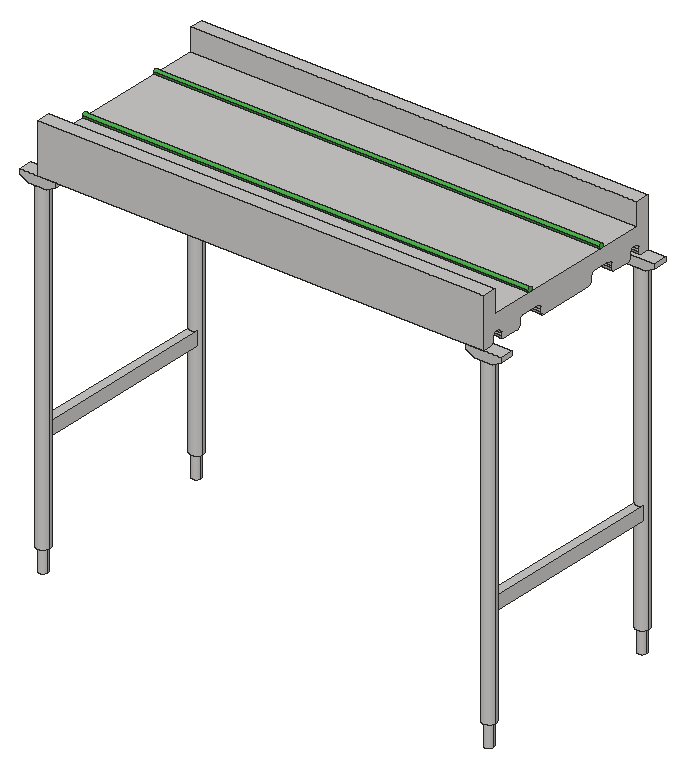
Revit family "QF_ELECTROLUXPROFESSIONAL_865122_HSCCT10", category Attrezzature speciali, Revit 2020
Family settings
  Quota connettore circolare = Usa diametro
  Tipo di parte = Normale
  Basato su piano di lavoro = No
  Sempre verticale = Sì
  Taglio con vuoti quando caricato = No
  Condiviso = No
  Punto di calcolo locali = No
Parameters (values of type "Standard")
  Weight = 14.00 kg
  Watts = 0 W
  Volts = 0 V
  URL Manufacturer = "https://www.electroluxprofessional.com/"
  URL = "https://www.electroluxprofessional.com/"
  Steam Supply Size = 0 mm
  Steam Supply Minimum Pressure = 0.0 Pa
  Steam Supply Maximum Pressure = 0.0 Pa
  Steam Consumption per Hour = 0
  Show Clearance [instance] = yes
  Refrigeration Suction Line Size = 0 mm
  Refrigeration Liquid Line Size = 0 mm
  Refrigerant Compressor Remote = yes
  Prospetto di default = 0 mm
  Produttore = "Electrolux Professional"
  Phase = 0
  Modello = "HSCCT10"
  Length Actual = 1000 mm  # constant formula
  Item Number = "865122"
  Hot Water Size = 0 mm
  Height Actual = 910 mm  # constant formula
  HP = "0 HP"
  Gas Size = 0 mm
  Gas KW = 0
  Gas Input Pressure = 0 W
  Direct Waste Size = 0 mm
  Description = "CORD CONVEYOR FOR TRAYS, 1000 MM "
  Depth Actual = 460 mm  # constant formula
  Cycle = 0 Hz
  Condensate Return Size = 0 mm
  Compressed Air Volume = 0.0 L/s
  Compressed Air Size = 0 mm
  Compressed Air Pressure = 0.0 Pa
  Cold Water Size = 0 mm
  Accessory = yes
Reference planes
  plane 1 "Center (Front/Back)": y = 0
  plane 2: z = 0
  plane 3 "FRONT": y = -460
  plane 4 "LEFT": x = -126
  plane 5 "RIGHT": x = 874
  plane 6: z = 800.5
  plane 7: x = 374
  plane 8: y = -230
  plane 9: z = 910.5
  plane 10: y = -130
  plane 11: y = -330
  plane 12: x = -126
  plane 13: z = 270.5
Forms (mm)
  Extrusion 1, solid, material "QF_Finishes_Stainless Steel"
    sketch origin (0, 0, 800.5) x (0, 1, 0) y (0, 0, 1)
      loop
        line (0, 110) -> (-30, 110) -> (-30, 60) -> (-430, 60) -> (-430, 110) -> (-460, 110) -> (-460, 0) -> (-442, 0)
        arc (-442, 0) -> (-437.05, 2.05) -> (-435, 7) r 7
        line (-435, 7) -> (-435, 12.5)
        arc (-435, 12.5) -> (-431.339, 21.339) -> (-422.5, 25) r 12.5
        arc (-422.5, 25) -> (-413.661, 21.339) -> (-410, 12.5) r 12.5
        line (-410, 12.5) -> (-410, 7)
        arc (-410, 7) -> (-407.95, 2.05) -> (-403, 0) r 7
        line (-403, 0) -> (-367, 0)
        arc (-367, 0) -> (-362.05, 2.05) -> (-360, 7) r 7
        line (-360, 7) -> (-360, 12.5)
        arc (-360, 12.5) -> (-356.339, 21.339) -> (-347.5, 25) r 12.5
        line (-347.5, 25) -> (-312.5, 25)
        arc (-312.5, 25) -> (-303.661, 21.339) -> (-300, 12.5) r 12.5
        line (-300, 12.5) -> (-300, 6.708)
        arc (-300, 6.708) -> (-298.612, 2.525) -> (-295, 0) r 7
        line (-295, 0) -> (-167, 0)
        arc (-167, 0) -> (-162.05, 2.05) -> (-160, 7) r 7
        line (-160, 7) -> (-160, 12.5)
        arc (-160, 12.5) -> (-156.339, 21.339) -> (-147.5, 25) r 12.5
        line (-147.5, 25) -> (-112.5, 25)
        arc (-112.5, 25) -> (-103.661, 21.339) -> (-100, 12.5) r 12.5
        line (-100, 12.5) -> (-100, 7)
        arc (-100, 7) -> (-97.95, 2.05) -> (-93, 0) r 7
        line (-93, 0) -> (-57, 0)
        arc (-57, 0) -> (-52.05, 2.05) -> (-50, 7) r 7
        line (-50, 7) -> (-50, 12.5)
        arc (-50, 12.5) -> (-46.339, 21.339) -> (-37.5, 25) r 12.5
        arc (-37.5, 25) -> (-28.661, 21.339) -> (-25, 12.5) r 12.5
        line (-25, 12.5) -> (-25, 7)
        arc (-25, 7) -> (-22.95, 2.05) -> (-18, 0) r 7
        line (-18, 0) -> (0, 0) -> (0, 110)
    from -126 to 874
  Extrusion 2, solid, material "QF_Finishes_Green"
    sketch origin (0, 100, 800.5) x (0, 1, 0) y (0, 0, 1)
      loop
        circle (-230, 65) r 5
    from -126 to 874
  Extrusion 3, solid, material "QF_Finishes_Green"
    sketch origin (0, -560, 800.5) x (0, -1, 0) y (0, 0, -1)
      loop
        circle (-230, -65) r 5
    from -126 to 874
  Extrusion 4, solid, material "QF_Finishes_Stainless Steel"
    sketch origin (0, 250, 0) x (-1, 0, 0) y (0, 0, 1)
      loop
        line (166, 800.5) -> (86, 800.5) -> (86, 790.5) -> (106, 778.953) -> (146, 778.953) -> (166, 790.5) -> (166, 800.5)
    from -710 to -680
  Revolve 5, solid, material "QF_Finishes_Stainless Steel"
    sketch origin (0, -445, 0) x (-1, 0, 0) y (0, 0, 1)
      loop
        line (126, 778.953) -> (111, 778.953) -> (111, 50.5) -> (116, 50.5) -> (116, 0) -> (126, 0) -> (126, 778.953)
      axis (126, 778.953) -> (126, 0)
    angle from 0 to 360
  Extrusion 6, solid, material "QF_Finishes_Stainless Steel"
    sketch origin (0, 680, 0) x (-1, 0, 0) y (0, 0, 1)
      loop
        line (166, 800.5) -> (86, 800.5) -> (86, 790.5) -> (106, 778.953) -> (146, 778.953) -> (166, 790.5) -> (166, 800.5)
    from -710 to -680
  Revolve 7, solid, material "QF_Finishes_Stainless Steel"
    sketch origin (0, -15, 0) x (-1, 0, 0) y (0, 0, 1)
      loop
        line (126, 778.953) -> (111, 778.953) -> (111, 50.5) -> (116, 50.5) -> (116, 0) -> (126, 0) -> (126, 778.953)
      axis (126, 778.953) -> (126, 0)
    angle from 0 to 360
  Extrusion 8, solid, material "QF_Finishes_Stainless Steel"
    sketch origin (1000, 680, 0) x (-1, 0, 0) y (0, 0, 1)
      loop
        line (166, 800.5) -> (86, 800.5) -> (86, 790.5) -> (106, 778.953) -> (146, 778.953) -> (166, 790.5) -> (166, 800.5)
    from -710 to -680
  Revolve 9, solid, material "QF_Finishes_Stainless Steel"
    sketch origin (1000, -15, 0) x (-1, 0, 0) y (0, 0, 1)
      loop
        line (126, 778.953) -> (111, 778.953) -> (111, 50.5) -> (116, 50.5) -> (116, 0) -> (126, 0) -> (126, 778.953)
      axis (126, 778.953) -> (126, 0)
    angle from 0 to 360
  Extrusion 10, solid, material "QF_Finishes_Stainless Steel"
    sketch origin (1000, 250, 0) x (-1, 0, 0) y (0, 0, 1)
      loop
        line (166, 800.5) -> (86, 800.5) -> (86, 790.5) -> (106, 778.953) -> (146, 778.953) -> (166, 790.5) -> (166, 800.5)
    from -710 to -680
  Revolve 11, solid, material "QF_Finishes_Stainless Steel"
    sketch origin (1000, -445, 0) x (-1, 0, 0) y (0, 0, 1)
      loop
        line (126, 778.953) -> (111, 778.953) -> (111, 50.5) -> (116, 50.5) -> (116, 0) -> (126, 0) -> (126, 778.953)
      axis (126, 778.953) -> (126, 0)
    angle from 0 to 360
  Extrusion 12, solid, material "QF_Finishes_Stainless Steel"
    sketch origin (1010, 0, 128.154) x (0, 1, 0) y (0, 0, 1)
      loop
        line (-20, 172.346) -> (-440, 172.346) -> (-440, 142.346) -> (-20, 142.346) -> (-20, 172.346)
    from -146 to -126
  Extrusion 13, solid, material "QF_Finishes_Stainless Steel"
    sketch origin (-262, 0, 128.154) x (0, 1, 0) y (0, 0, -1)
      loop
        line (-20, -172.346) -> (-20, -142.346) -> (-440, -142.346) -> (-440, -172.346) -> (-20, -172.346)
    from -146 to -126
Dimensions and locks
  plane 4 "LEFT" to plane 5 "RIGHT" = 1000 mm
  plane 1 "Center (Front/Back)" to plane 3 "FRONT" = 460 mm  (x2)
  plane 5 "RIGHT" to plane 4 "LEFT" = 1000 mm
  plane 9 to level = 910.5 mm  (x2)
  plane 10 to plane 11 = 200 mm
  plane 6 to plane 9 = 110 mm
  plane 9 to plane 6 = 110 mm
  plane 9 to plane 13 = 640 mm
  Extrusion 1 to Extrusion 1 = 30 mm
  aligned and locked: level to plane 2
